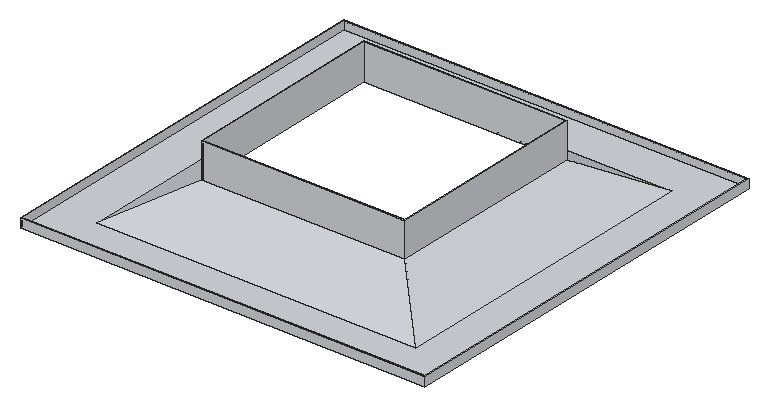
Revit family
Parameters (values of type "DF, 06x06 Neck")
  URL = "http://www.anemostat.com"
  Type Comments = "User can define square or rectangular duct/neck sizes from 6\" to 57\" in 3\" increments."
  Neck Width = Duct Width - 1/8"  # 5 7/8"
  Neck Height = Duct Height - 1/8"  # 5 7/8"
  Model = "DF"
  Manufacturer = "Anemostat"
  Duct Width = 6"
  Duct Height = 6"
  Description = "Directional Diffuser, Surface Mounted"
Types (19): name | Neck Width | Neck Height | Duct Width | Duct Height
  (no name) | 5 7/8" | 5 7/8" | 6" | 6"
  DF, 06x06 Neck | 5 7/8" | 5 7/8" | 6" | 6"
  DF, 09x09 Neck | 8 7/8" | 8 7/8" | 9" | 9"
  DF, 12x12 Neck | 11 7/8" | 11 7/8" | 12" | 12"
  DF, 15x15 Neck | 14 7/8" | 14 7/8" | 15" | 15"
  DF, 18x18 Neck | 17 7/8" | 17 7/8" | 18" | 18"
  DF, 21x21 Neck | 20 7/8" | 20 7/8" | 21" | 21"
  DF, 24x24 Neck | 23 7/8" | 23 7/8" | 24" | 24"
  DF, 27x27 Neck | 26 7/8" | 26 7/8" | 27" | 27"
  DF, 30x30 Neck | 29 7/8" | 29 7/8" | 30" | 30"
  DF, 33x33 Neck | 32 7/8" | 32 7/8" | 33" | 33"
  DF, 36x36 Neck | 35 7/8" | 35 7/8" | 36" | 36"
  DF, 39x39 Neck | 38 7/8" | 38 7/8" | 39" | 39"
  DF, 42x42 Neck | 41 7/8" | 41 7/8" | 42" | 42"
  DF, 45x45 Neck | 44 7/8" | 44 7/8" | 45" | 45"
  DF, 48x48 Neck | 47 7/8" | 47 7/8" | 48" | 48"
  DF, 51x51 Neck | 50 7/8" | 50 7/8" | 51" | 51"
  DF, 54x54 Neck | 53 7/8" | 53 7/8" | 54" | 54"
  DF, 57x57 Neck | 56 7/8" | 56 7/8" | 57" | 57"
Reference planes (in)
  plane 1 "Center (Front/Back)": y = 0
  plane 2: z = 0
  plane 3 "Center (Left/Right)": x = 0
  plane 4: x = 2.9375
  plane 5: x = -2.9375
  plane 6: y = 2.9375
  plane 7: y = -2.9375
Forms (in)
  Sweep 1, solid
    path origin (0, 0, 0) x (1, 0, 0) y (0, 1, 0)
      loop
        line (-2.9375, 2.9375) -> (-2.9375, -2.9375) -> (2.9375, -2.9375) -> (2.9375, 2.9375) -> (-2.9375, 2.9375)
    profile origin (0, 2.9375, 0) x (0, 1, 0) y (0, 0, 1)
      loop
        line (2.90625, 0) -> (2.87525, 0) -> (2.87525, -0.219) -> (1.67792, -0.219) -> (0, 0.74975) -> (0, 1.74975) -> (-0.031, 1.74975) -> (-0.031, 0.72443) -> (1.65676, -0.25) -> (2.90625, -0.25) -> (2.90625, 0)
Dimensions and locks (in)
  equal spacing: plane 4, plane 3 "Center (Left/Right)", plane 5
  "Neck Width": plane 4 to plane 5
  equal spacing: plane 6, plane 1 "Center (Front/Back)", plane 7
  "Neck Height": plane 6 to plane 7
Automatic sketch dimensions
  Sweep 1 sketch curve to plane 5 = 0"
  Sweep 1 sketch curve to plane 4 = 0"
  plane 7 to Sweep 1 sketch curve = 0"
  plane 6 to Sweep 1 sketch curve = 0"
  Sweep 1 sketch curve to profile plane = 0"
  Sweep 1 sketch curve to level = 0"
  profile plane to Sweep 1 sketch curve = 0.031"
  Sweep 1 sketch curve to level = 1/4"
  Sweep 1 sketch curve to profile plane = 1.65676"
  Sweep 1 sketch curve to level = 0.219"
  Sweep 1 sketch curve to Sweep 1 sketch curve = 0.02117"
  Sweep 1 sketch curve to Sweep 1 sketch curve = 1.19733"
  Sweep 1 sketch curve to Sweep 1 sketch curve = 0.031"
  level to Sweep 1 sketch curve = 0.72443"
  Sweep 1 sketch curve to Sweep 1 sketch curve = 0.02532"
  Sweep 1 sketch curve to Sweep 1 sketch curve = 1"
Connectors (in)
  hvac at (0, 0, 1.74975), driven by "Duct Width", driven by "Neck Height"
    settings: on Sweep 1, index 1
